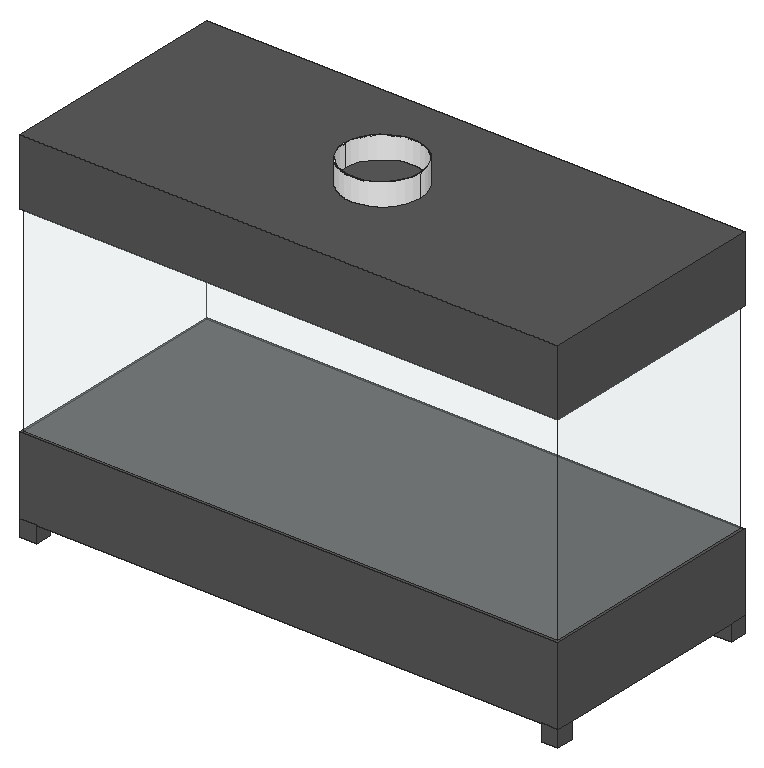
Revit family "C4W8 - LOG - 97_42", category Generic Models, host Face, Revit 2019
Family settings
  Host = Face
  Can host rebar = No
  Round Connector Dimension = Use Diameter
  Part Type = Normal
  Cut with Voids When Loaded = Yes
  Shared = Yes
  Room Calculation Point = No
Parameters (values of type "As Specified")
  URL = "https://www.montigo.com/"
  Manufacturer Website = "https://www.montigo.com/"
  Manufacturer Phone - Toll Free = "800-378-3115"
  Manufacturer Phone = ""
  Manufacturer Fax = ""
  Manufacturer Address = "27342 Gloucester Way  Langley, BC, Canada   V4W 4A1"
  Manufacturer = "Montigo"
  Length = 97"
  Width = 42"
  Height = 65"
  Glazing Tint = Glass - Montigo - Tint as Specified
  Frame Material = Metal - Montigo - Black
  Firebox Material = Metal - Montigo - White
  Fire Place - Opening = 36"
  Description = "Montigo Fireplace as Specified"
  Default Elevation = 48"
  Base Height = 17"
  Assembly Code = "D3020"
Reference planes (in)
  plane 1 "Center (Front/Back)": y = 0
  plane 2: z = 0
  plane 3 "Center (Left/Right)": x = 0
  plane 4: x = 48.5
  plane 5: y = 21
  plane 6: y = -21
  plane 7: z = 0
  plane 8: x = -48.5
  plane 9: z = 3
  plane 10: z = 17
  plane 11: z = 53
  plane 12: z = 65
Forms (in)
  Extrusion 1, solid, material "Metal - Montigo - Black" <- "Frame Material"
    sketch origin (-60.41868, -180, 0) x (-1, 0, 0) y (0, -1, 0)
      loop
        line (-11.91868, -201) -> (-11.91868, -159) -> (-108.91868, -159) -> (-108.91868, -201) -> (-11.91868, -201)
    from 3 to 17
  Extrusion 2, solid, material "Metal - Montigo - Black" <- "Frame Material"
    sketch origin (-60.41868, -180, 0) x (-1, 0, 0) y (0, -1, 0)
      loop
        line (-11.91868, -201) -> (-11.91868, -198) -> (-14.91868, -198) -> (-14.91868, -201) -> (-11.91868, -201)
      loop
        line (-105.91868, -201) -> (-105.91868, -198) -> (-108.91868, -198) -> (-108.91868, -201) -> (-105.91868, -201)
      loop
        line (-105.91868, -162) -> (-105.91868, -159) -> (-108.91868, -159) -> (-108.91868, -162) -> (-105.91868, -162)
      loop
        line (-11.91868, -162) -> (-11.91868, -159) -> (-14.91868, -159) -> (-14.91868, -162) -> (-11.91868, -162)
    from 0 to 3
  Extrusion 3, solid
    sketch origin (-60.41868, -180, 0) x (-1, 0, 0) y (0, -1, 0)
      loop
        line (-101.41868, -192.5) -> (-101.41868, -189.5) -> (-104.41868, -189.5) -> (-104.41868, -192.5) -> (-101.41868, -192.5)
      loop
        line (-101.41868, -170.5) -> (-101.41868, -167.5) -> (-104.41868, -167.5) -> (-104.41868, -170.5) -> (-101.41868, -170.5)
    from 2 to 3
  Extrusion 4, solid, material "Metal - Montigo - Black" <- "Frame Material"
    sketch origin (-60.41868, -180, 0) x (-1, 0, 0) y (0, -1, 0)
      loop
        line (-11.91868, -201) -> (-11.91868, -159) -> (-108.91868, -159) -> (-108.91868, -201) -> (-11.91868, -201)
    from 53 to 65
  Extrusion 5, solid, material "Glass - Montigo - Tint as Specified" <- "Glazing Tint"
    sketch origin (-60.41868, -180, 0) x (-1, 0, 0) y (0, -1, 0)
      loop
        line (-12.35618, -200.5625) -> (-12.35618, -159.4375) -> (-108.48118, -159.4375) -> (-108.48118, -200.5625) -> (-12.35618, -200.5625)
    from 17 to 53
Dimensions and locks (in)
  equal spacing: plane 6, plane 1 "Center (Front/Back)", plane 5
  "Width": plane 6 to plane 5
  "Length": plane 8 to plane 4
  equal spacing: plane 8, plane 3 "Center (Left/Right)", plane 4
  locked: plane 8 to Extrusion 2 sketch curve at 3  (x2)
  locked: Extrusion 2 sketch curve to plane 5 at 3  (x2)
  locked: Extrusion 2 sketch curve to plane 4 at 3  (x2)
  locked: plane 6 to Extrusion 2 sketch curve at 3  (x2)
  Extrusion 3 sketch curve to Extrusion 3 sketch curve to plane 4 = 3" locked, 4 1/2" locked  (x2)
  plane 6 to Extrusion 3 sketch curve to Extrusion 3 sketch curve = 8 1/2" locked, 3" locked
  Extrusion 3 sketch curve to Extrusion 3 sketch curve to plane 5 = 3" locked, 8 1/2" locked
  locked: plane 9 to plane 7 at 3
  locked: Extrusion 3 to level at 2
  "Base Height": plane 10 to plane 7
  "Height": plane 12 to plane 7
  "Fire Place - Opening": plane 11 to plane 10
  locked: plane 8 to Extrusion 5 sketch curve at 0.4375
  locked: Extrusion 5 sketch curve to plane 4 at 0.4375
  locked: Extrusion 5 sketch curve to plane 5 at 0.4375
  locked: plane 6 to Extrusion 5 sketch curve at 0.4375
  plane 12 to plane 11 = 12"
  aligned and locked: plane 2 to host face
  aligned and locked: level to host face
  aligned and locked: plane 7 to level
  aligned and locked: Extrusion 1 sketch curve to plane 6
  aligned and locked: Extrusion 1 sketch curve to plane 4
  aligned and locked: plane 5 to Extrusion 1 sketch curve
  aligned and locked: Extrusion 1 sketch curve to plane 8
  aligned and locked: Extrusion 2 sketch curve to plane 8  (x2)
  aligned and locked: Extrusion 2 sketch curve to plane 6  (x2)
  aligned and locked: plane 5 to Extrusion 2 sketch curve  (x2)
  aligned and locked: Extrusion 2 sketch curve to plane 4
  aligned and locked: Extrusion 1 to plane 9
  aligned and locked: plane 10 to Extrusion 1
  aligned and locked: Extrusion 2 to Extrusion 1
  aligned and locked: Extrusion 3 to Extrusion 1
  aligned and locked: plane 12 to Extrusion 4
  aligned and locked: Extrusion 4 to plane 11
  aligned and locked: Extrusion 5 to plane 10
  aligned and locked: plane 11 to Extrusion 5
  aligned and locked: nested 1 to plane 1 "Center (Front/Back)"
  aligned and locked: nested 1 to plane 3 "Center (Left/Right)"
Automatic sketch dimensions
  host sketch curve to host sketch curve = 96"  (x2)
  Extrusion 2 sketch curve to plane 4 = 0"
  Extrusion 4 sketch curve to plane 4 = 0"
  plane 6 to Extrusion 4 sketch curve = 0"
  Extrusion 4 sketch curve to plane 8 = 0"
  plane 5 to Extrusion 4 sketch curve = 0"
Nested families (in)
  nested 1: "Duct Dia" at (0, 0, 65) x (-1, 0, 0) z (0, 0, 1), type "13 3/4" Dia"
    with Intake Duct Dia 13 3/4", Intake Diameter 13 5/8"
Connectors (in)
  hvac at (0, 0, 69)
    settings: on nested 1, index 1, duct flow 0 CFM, flow factor 0, pres drop 0.00 in-wg, loss coef 0, conn angle 0.00°, conn width 12", conn height 12", conn diameter 13 3/4", duct sys type 3, conn prof type 0, flow config 0, flow direction 0, loss method 0, conn ref index -1, conn util no, is conn primary yes, conn desc ""
Definition of nested family "Duct Dia"
  Parameters (values of type "15 7/8" Dia.")
    Intake Duct Dia = 15 7/8"
    Intake Diameter = Intake Duct Dia - 1/8"  # 15 3/4"
    Height = 4"
    Firebox Material = none
    Default Elevation = 48"
  Types (12): name | Intake Duct Dia | Intake Diameter | Height
    9 7/8" Dia. | 9 7/8" | 9 3/4" | 4"
    7 7/8" Dia | 7 7/8" | 7 3/4" | 4"
    8 1/8" Dia | 8 1/8" | 8" | 1/4"
    11 3/4" Dia | 11 3/4" | 11 5/8" | 4"
    4" Dia | 10" | 9 7/8" | 4"
    7 3/4" Dia | 7 3/4" | 7 5/8" | 4"
    6 7/8" Dia | 6 7/8" | 6 3/4" | 1/4"
    9 3/4" Dia. | 9 3/4" | 9 5/8" | 4"
    7 1/8" Dia | 7 1/8" | 7" | 1/4"
    11 7/8" Dia. | 11 7/8" | 11 3/4" | 4"
    13 7/8" Dia. | 13 7/8" | 13 3/4" | 4"
    15 7/8" Dia. | 15 7/8" | 15 3/4" | 4"
  Reference planes (in)
    plane 1 "Center (Front/Back)": y = 0
    plane 2: z = 0
    plane 3 "Center (Left/Right)": x = 0
    plane 4: z = 4
  Forms (in)
    Extrusion 1, solid
      sketch origin (0, 0, 0) x (1, 0, 0) y (0, 1, 0)
        loop
          line (-48, 48) -> (-48, -48) -> (48, -48) -> (48, 48) -> (-48, 48)
      from 0 to -12
    Extrusion 2, solid, material <- "Firebox Material"
      sketch origin (0, 0, 0) x (1, 0, 0) y (0, 1, 0)
        loop
          circle (0, 0) r 7.9375
        loop
          circle (0, 0) r 7.875
      from 0 to 4
  Dimensions and locks (in)
    "Height": plane 4 to level
    "Intake Duct Dia": diameter of Extrusion 2 sketch curve
    "Intake Diameter": diameter of Extrusion 2 sketch curve
    aligned and locked: plane 2 to Extrusion 1
    aligned and locked: level to Extrusion 1
    aligned and locked: plane 4 to Extrusion 2
  Automatic sketch dimensions
    Extrusion 1 sketch curve to Extrusion 1 sketch curve = 96"  (x2)
    Extrusion 2 sketch curve to Extrusion 2 sketch curve = 0"  (x2)
    plane 1 "Center (Front/Back)" to Extrusion 2 sketch curve = 0"
    Extrusion 2 sketch curve to plane 3 "Center (Left/Right)" = 0"
